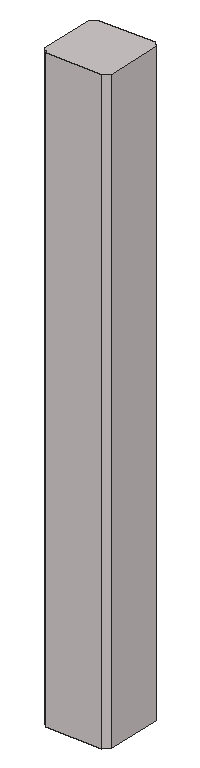
Revit family "1b0371d5cbd6403ca93a6b263f57f0da", category Structural Columns, Revit 2021
Family settings
  Display in Hidden Views = Edges Hidden by Other Members
  Section Shape = Not Defined
  Material for Model Behavior = Precast Concrete
  Always export as geometry = No
  Beam cutback in plan = From bounding box
  OmniClass Number = 23.25.30.11.14.11
  OmniClass Title = Columns
  Seek Item ID = Precast-Rectangular Column-0000-USA-ENU
  Cut with Voids When Loaded = No
  Symbolic Representation = From Family
  Shared = No
  Show family pre-cut in plan views = Yes
Parameters (values of type "12 x 12")
  Structural Material [instance] = Concrete, Precast
  Assembly Code = "B10"
  Chamfer = 0' - 1"
  b = 1' - 0"
  h = 1' - 0"
Types (4): name | Chamfer | b | h
  (no name) | 0' - 1" | 1' - 0" | 1' - 0"
  12 x 12 | 0' - 1" | 1' - 0" | 1' - 0"
  18 x 18 | 0' - 1" | 1' - 6" | 1' - 6"
  24 x 24 | 0' - 1 1/2" | 2' - 0" | 2' - 0"
Reference planes (in)
  plane 1 "Center (Front/Back)": y = 0
  plane 2: z = 0
  plane 3 "Center (Left/Right)": x = 0
  plane 4: x = -6
  plane 5: x = 6
  plane 6: y = 6
  plane 7: y = -6
  plane 8: x = -5
  plane 9: y = -5
  plane 10: x = 5
  plane 11: y = 5
Forms (in)
  Extrusion 1, solid, material "Concrete, Precast" <- "Structural Material"
    sketch origin (0, 0, 0) x (1, 0, 0) y (0, 1, 0)
      loop
        line (-5, 6) -> (-6, 5) -> (-6, -5) -> (-5, -6) -> (5, -6) -> (6, -5) -> (6, 5) -> (5, 6) -> (-5, 6)
    from 0 to 108
Dimensions and locks (in)
  equal spacing: plane 4, plane 3 "Center (Left/Right)", plane 5
  equal spacing: plane 7, plane 1 "Center (Front/Back)", plane 6
  "h": plane 7 to plane 6
  "b": plane 4 to plane 5
  "Chamfer": plane 4 to plane 8
  "Chamfer": plane 10 to plane 5
  "Chamfer": plane 11 to plane 6
  "Chamfer": plane 7 to plane 9
  aligned and locked: plane 6 to Extrusion 1 sketch curve
  aligned and locked: Extrusion 1 sketch curve to plane 7
  aligned and locked: Extrusion 1 sketch curve to plane 4
  aligned and locked: plane 5 to Extrusion 1 sketch curve
  aligned and locked: level to Extrusion 1
  aligned and locked: level to plane 2
  aligned and locked: Extrusion 1 to plane 2
Automatic sketch dimensions
  Extrusion 1 sketch curve to plane 8 = 0' - 0"  (x2)
  Extrusion 1 sketch curve to plane 10 = 0' - 0"  (x2)
  Extrusion 1 sketch curve to plane 9 = 0' - 0"  (x2)
  Extrusion 1 sketch curve to plane 11 = 0' - 0"  (x2)
